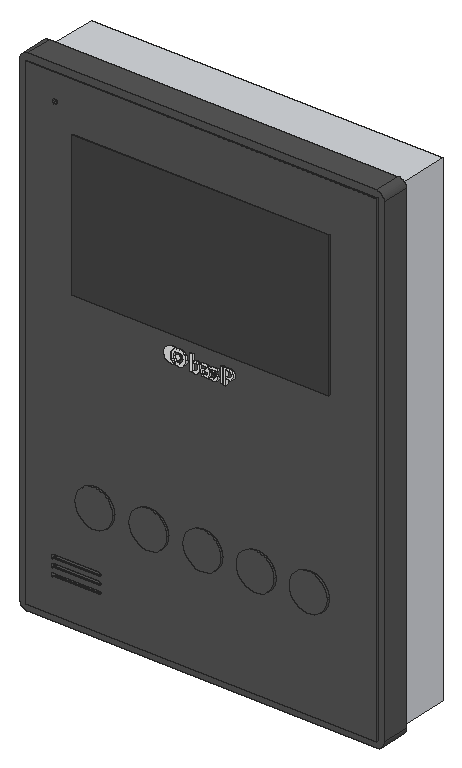
Revit family "BAS-IP_Видеодомофон_AU-04LA", category Устройства связи, Revit 2019
Family settings
  Сохранять ориентацию аннотаций = Нет
  Размер круглого соединителя = Использовать диаметр
  Тип детали = Нормальный
  На основе рабочей плоскости = Нет
  Всегда вертикально = Да
  При загрузке вырезать с полостями = Нет
  Общий = Нет
  Точка расчета площади = Нет
Parameters (values of type "Черный")
  Цветовое решение = "Черный"
  Цве логотипа = White
  УГО_Смещение_Y [instance] = 0 mm
  УГО_Смещение_X [instance] = 0 mm
  Тип установки = "Настенный накладной"
  Зона обслуживания [instance] = no
  Дисплей = "4,3” TFT LCD, сенсорный емкостный"
  Встроенная камера = "Нет"
  Габаритные размеры = "135 x 185 x 30 мм"
  Питание = "PoE, +12 В"
  Потребление питания = "6 Вт, в режиме ожидания - 2,5 Вт"
  Изготовитель = "BAS-IP"  # constant formula
  Разрешение экрана = "480 x 272"
  Корпус = "Пластик"
  ADSK_Размер_Смещение от уровня [instance] = 1000 mm
  ADSK_Примечание [instance] = ""
  ADSK_Позиция [instance] = ""
  ADSK_Наименование = "IP видеодомофон с экраном 4 дюйма"
  ADSK_Материал = Black
  ADSK_Марка = "AU-04LA Black"
  ADSK_Количество = 1  # constant formula
  ADSK_Код изделия = ""
  ADSK_Завод-изготовитель = "BAS-IP"  # constant formula
  ADSK_Единица измерения = "шт."  # constant formula
Types (2, lengths in mm): name | Цветовое решение | Цве логотипа | ADSK_Материал | ADSK_Марка
  Белый | "Белый" | Black | White | "AU-04LA White"
  Черный | "Черный" | White | Black | "AU-04LA Black"
Reference planes
  plane 1 "По центру (Вперед/Назад)": y = 0
  plane 2: z = 0
  plane 3 "По центру (Влево/Вправо)": x = 0
  plane 4: z = 1000
  plane 5: z = 0
  plane 6: x = 0
  plane 7: y = 0
Forms (mm)
  Extrusion 1, solid, material "Black" <- "ADSK_Материал", detail levels medium+fine
    sketch origin (0, 0, 1000) x (1, 0, 0) y (0, 0, 1)
      loop
        arc (-64.5, 185) -> (-66.621, 184.121) -> (-67.5, 182) r 3
        line (-67.5, 182) -> (-67.5, 3)
        arc (-67.5, 3) -> (-66.621, 0.879) -> (-64.5, 0) r 3
        line (-64.5, 0) -> (64.5, 0)
        arc (64.5, 0) -> (66.621, 0.879) -> (67.5, 3) r 3
        line (67.5, 3) -> (67.5, 182)
        arc (67.5, 182) -> (66.621, 184.121) -> (64.5, 185) r 3
        line (64.5, 185) -> (-64.5, 185)
    from 0 to 10
  Extrusion 2, void, detail levels fine
    sketch origin (-2.215, 0, 988.655) x (1, 0, 0) y (0, 0, 1)
      loop
        circle (-51.665, 184.212) r 1
    from 4.279 to 10.5
  Extrusion 3, solid, detail levels medium+fine
    sketch origin (0, 0, 1000) x (1, 0, 0) y (0, 0, 1)
      loop
        line (-65, 182.5) -> (-65, 2.5) -> (65, 2.5) -> (65, 182.5) -> (-65, 182.5)
    from -20 to 0
  Extrusion 4, solid, material "Black" <- "ADSK_Материал", detail levels fine
    sketch origin (0, 0.5, 1000) x (1, 0, 0) y (0, 0, 1)
      loop
        line (-65, 182.5) -> (-65, 2.5) -> (65, 2.5) -> (65, 182.5) -> (-65, 182.5)
    from 10 to 11
  Extrusion 5, solid, material "Black silver 2", detail levels medium+fine
    sketch origin (-4.759, 0, 980) x (1, 0, 0) y (0, 0, 1)
      loop
        line (-42.741, 184.369) -> (-42.741, 131.129) -> (52.259, 131.129) -> (52.259, 184.369) -> (-42.741, 184.369)
    from 10 to 11
  Extrusion 6, solid, material "Black" <- "ADSK_Материал", detail levels fine
    sketch origin (172.393, 0, 1000) x (1, 0, 0) y (0, 0, 1)
      loop
        circle (-211.55, 43.525) r 7
      loop
        circle (-191.55, 43.525) r 7
      loop
        circle (-171.55, 43.525) r 7
      loop
        circle (-151.862, 43.525) r 7
      loop
        circle (-132.175, 43.525) r 7
    from 9.5 to 11.123
  Extrusion 7, void, detail levels fine
    sketch origin (172.275, 0, 1000) x (1, 0, 0) y (0, 0, 1)
      loop
        arc (-226.852, 22.553) -> (-227.602, 21.803) -> (-226.852, 21.053) r 0.75
        line (-226.852, 21.053) -> (-209.852, 21.053)
        arc (-209.852, 21.053) -> (-209.102, 21.803) -> (-209.852, 22.553) r 0.75
        line (-209.852, 22.553) -> (-226.852, 22.553)
      loop
        arc (-226.852, 19.553) -> (-227.602, 18.803) -> (-226.852, 18.053) r 0.75
        line (-226.852, 18.053) -> (-209.852, 18.053)
        arc (-209.852, 18.053) -> (-209.102, 18.803) -> (-209.852, 19.553) r 0.75
        line (-209.852, 19.553) -> (-226.852, 19.553)
      loop
        arc (-226.852, 16.553) -> (-227.602, 15.803) -> (-226.852, 15.053) r 0.75
        line (-226.852, 15.053) -> (-209.852, 15.053)
        arc (-209.852, 15.053) -> (-209.102, 15.803) -> (-209.852, 16.553) r 0.75
        line (-209.852, 16.553) -> (-226.852, 16.553)
    from 8.426 to 10.5
  Extrusion 8, solid, material "Black" <- "ADSK_Материал", not visible, detail levels medium+fine
    sketch origin (0, 0, 0) x (1, 0, 0) y (0, 0, 1)
      loop
        arc (-64.5, 185) -> (-66.621, 184.121) -> (-67.5, 182) r 3
        line (-67.5, 182) -> (-67.5, 3)
        arc (-67.5, 3) -> (-66.621, 0.879) -> (-64.5, 0) r 3
        line (-64.5, 0) -> (64.5, 0)
        arc (64.5, 0) -> (66.621, 0.879) -> (67.5, 3) r 3
        line (67.5, 3) -> (67.5, 182)
        arc (67.5, 182) -> (66.621, 184.121) -> (64.5, 185) r 3
        line (64.5, 185) -> (-64.5, 185)
    from 0 to 10
  Extrusion 9, void, not visible, detail levels fine
    sketch origin (-2.215, 0, -11.345) x (1, 0, 0) y (0, 0, 1)
      loop
        circle (-51.665, 184.212) r 1
    from 4.279 to 10.5
  Extrusion 10, solid, not visible, detail levels medium+fine
    sketch origin (0, 0, 0) x (1, 0, 0) y (0, 0, 1)
      loop
        line (-65, 182.5) -> (-65, 2.5) -> (65, 2.5) -> (65, 182.5) -> (-65, 182.5)
    from -20 to 0
  Extrusion 11, solid, material "Black" <- "ADSK_Материал", not visible, detail levels fine
    sketch origin (0, 0.5, 0) x (1, 0, 0) y (0, 0, 1)
      loop
        line (-65, 182.5) -> (-65, 2.5) -> (65, 2.5) -> (65, 182.5) -> (-65, 182.5)
    from 10 to 11
  Extrusion 12, solid, material "Black silver 2", not visible, detail levels medium+fine
    sketch origin (-4.759, 0, -20) x (1, 0, 0) y (0, 0, 1)
      loop
        line (-42.741, 184.369) -> (-42.741, 131.129) -> (52.259, 131.129) -> (52.259, 184.369) -> (-42.741, 184.369)
    from 10 to 11
  Extrusion 13, solid, material "Black" <- "ADSK_Материал", not visible, detail levels fine
    sketch origin (172.393, 0, 0) x (1, 0, 0) y (0, 0, 1)
      loop
        circle (-211.55, 43.525) r 7
      loop
        circle (-191.55, 43.525) r 7
      loop
        circle (-171.55, 43.525) r 7
      loop
        circle (-151.862, 43.525) r 7
      loop
        circle (-132.175, 43.525) r 7
    from 9.5 to 11.123
  Extrusion 14, void, not visible, detail levels fine
    sketch origin (172.275, 0, 0) x (1, 0, 0) y (0, 0, 1)
      loop
        arc (-226.852, 22.553) -> (-227.602, 21.803) -> (-226.852, 21.053) r 0.75
        line (-226.852, 21.053) -> (-209.852, 21.053)
        arc (-209.852, 21.053) -> (-209.102, 21.803) -> (-209.852, 22.553) r 0.75
        line (-209.852, 22.553) -> (-226.852, 22.553)
      loop
        arc (-226.852, 19.553) -> (-227.602, 18.803) -> (-226.852, 18.053) r 0.75
        line (-226.852, 18.053) -> (-209.852, 18.053)
        arc (-209.852, 18.053) -> (-209.102, 18.803) -> (-209.852, 19.553) r 0.75
        line (-209.852, 19.553) -> (-226.852, 19.553)
      loop
        arc (-226.852, 16.553) -> (-227.602, 15.803) -> (-226.852, 15.053) r 0.75
        line (-226.852, 15.053) -> (-209.852, 15.053)
        arc (-209.852, 15.053) -> (-209.102, 15.803) -> (-209.852, 16.553) r 0.75
        line (-209.852, 16.553) -> (-226.852, 16.553)
    from 8.426 to 10.5
Cuts and joins
  Extrusion 2, Extrusion 7 cuts Extrusion 1
  Extrusion 2, Extrusion 7 cuts Extrusion 4
Dimensions and locks
  "ADSK_Размер_Смещение от уровня": plane 4 to plane 2
  "УГО_Смещение_X": plane 3 "По центру (Влево/Вправо)" to plane 6
  "УГО_Смещение_Y": plane 7 to plane 1 "По центру (Вперед/Назад)"
  aligned and locked: level to plane 2
  aligned and locked: cut or joined group of Extrusion 1, Extrusion 2, Extrusion 7 to plane 4
  aligned and locked: plane 6 to nested 5
  aligned and locked: nested 5 to plane 7
Automatic sketch dimensions
  Extrusion 1 sketch curve to Extrusion 1 sketch curve = 3 mm  (x3)
  Extrusion 1 sketch curve to Extrusion 1 sketch curve = 179 mm
  Extrusion 3 sketch curve to Extrusion 3 sketch curve = 180 mm
  Extrusion 4 sketch curve to Extrusion 4 sketch curve = 180 mm
  Extrusion 5 sketch curve to Extrusion 5 sketch curve = 53.239 mm
  Extrusion 6 sketch curve to Extrusion 6 sketch curve = 19.688 mm  (x2)
  Extrusion 6 sketch curve to Extrusion 6 sketch curve = 0 mm  (x4)
  Extrusion 7 sketch curve to Extrusion 7 sketch curve = 0 mm  (x4)
  Extrusion 7 sketch curve to Extrusion 7 sketch curve = 17 mm
  Extrusion 7 sketch curve to Extrusion 7 sketch curve = 0.75 mm  (x3)
  Extrusion 7 sketch curve to Extrusion 7 sketch curve = 1.5 mm  (x2)
  Extrusion 1 sketch curve to Extrusion 1 sketch curve = 129 mm  (x2)
  Extrusion 3 sketch curve to Extrusion 3 sketch curve = 130 mm
  Extrusion 4 sketch curve to Extrusion 4 sketch curve = 130 mm
  Extrusion 5 sketch curve to Extrusion 5 sketch curve = 95 mm
  Extrusion 6 sketch curve to Extrusion 6 sketch curve = 20 mm  (x2)
  Extrusion 8 sketch curve to Extrusion 8 sketch curve = 3 mm  (x3)
  Extrusion 8 sketch curve to Extrusion 8 sketch curve = 179 mm
  Extrusion 10 sketch curve to Extrusion 10 sketch curve = 180 mm
  Extrusion 11 sketch curve to Extrusion 11 sketch curve = 180 mm
  Extrusion 12 sketch curve to Extrusion 12 sketch curve = 53.239 mm
  Extrusion 13 sketch curve to Extrusion 13 sketch curve = 19.688 mm  (x2)
  Extrusion 13 sketch curve to Extrusion 13 sketch curve = 0 mm  (x4)
  Extrusion 14 sketch curve to Extrusion 14 sketch curve = 0 mm  (x4)
  Extrusion 14 sketch curve to Extrusion 14 sketch curve = 17 mm
  Extrusion 14 sketch curve to Extrusion 14 sketch curve = 0.75 mm  (x3)
  Extrusion 14 sketch curve to Extrusion 14 sketch curve = 1.5 mm  (x2)
  Extrusion 8 sketch curve to Extrusion 8 sketch curve = 129 mm  (x2)
  Extrusion 10 sketch curve to Extrusion 10 sketch curve = 130 mm
  Extrusion 11 sketch curve to Extrusion 11 sketch curve = 130 mm
  Extrusion 12 sketch curve to Extrusion 12 sketch curve = 95 mm
  Extrusion 13 sketch curve to Extrusion 13 sketch curve = 20 mm  (x2)
  radius of Extrusion 2 sketch curve = 1 mm
  radius of Extrusion 6 sketch curve = 7 mm  (x5)
  radius of Extrusion 9 sketch curve = 1 mm
  radius of Extrusion 13 sketch curve = 7 mm  (x5)
Nested families
  nested 1: "BAS-IP_Logo_S" at (0, -10, 1101.222), Материал <- "Цве логотипа", type "BAS-IP_Logo_S", detail levels fine
    with Материал White
  nested 2: "Зона обслуживания" at (0, 0, 950), visible <- "Зона обслуживания", type "Зона обслуживания", detail levels fine
    with ADSK_Размер_Ширина 235 mm, ADSK_Размер_Высота 285 mm
  nested 3: "BAS-IP_Logo_S" at (0, -10, 101.222), Материал <- "Цве логотипа", type "BAS-IP_Logo_S", not visible, detail levels fine
    with Материал White
  nested 4: "Зона обслуживания" at (0, 0, -50), visible <- "Зона обслуживания", type "Зона обслуживания", not visible, detail levels fine
    with ADSK_Размер_Ширина 235 mm, ADSK_Размер_Высота 285 mm
  nested 5: "УГО_Видеодомофон" at (0, 0, 0), type "УГО_Видеодомофон", detail levels coarse+medium
Connectors
  electrical at (0, 10, 1002.5)
    settings: on Extrusion 3, index 1, voltage 0 V, apparent load 0 VA, apparent load phase1 0 VA, apparent load phase2 0 VA, apparent load phase3 0 VA, power factor 1, load classification "Прочее", number of poles 1, system type 12, power factor state 1, is connector primary yes, connector utility no, sub classification motor no, connector description ""
Definition of nested family "BAS-IP_Logo_S"
  Parameters (values of type "BAS-IP_Logo_S")
    Материал [instance] = none
  Reference planes
    plane 1 "По центру (Вперед/Назад)": y = 0
    plane 2: z = 0
    plane 3 "По центру (Влево/Вправо)": x = 0
  Forms (mm)
    Extrusion 1, solid, material <- "Материал"
      sketch origin (-6.577, 0, -7.331) x (1, 0, 0) y (0, 0, 1)
        loop
          circle (-1.452, 10.426) r 2.917
        loop
          circle (-1.452, 10.426) r 1.823
        loop
          circle (-1.452, 10.426) r 0.907
        loop
          line (2.897, 13.369) -> (2.897, 7.626)
          arc (2.897, 7.626) -> (4.378, 7.331) -> (5.829, 7.75) r 3.194
          arc (5.829, 7.75) -> (6.556, 9.353) -> (6.13, 11.061) r 2.674
          arc (6.13, 11.061) -> (4.872, 11.67) -> (3.741, 10.847) r 1.36
          line (3.741, 10.847) -> (3.741, 13.369) -> (2.897, 13.369)
        loop
          line (9.211, 9.975) -> (7.991, 9.975)
          arc (7.991, 9.975) -> (6.849, 8.828) -> (7.615, 7.403) r 1.358
          line (7.615, 7.403) -> (9.943, 7.403)
          spline (9.943, 7.403) -> (10.042, 8.877) -> (10.055, 9.915) -> (9.997, 10.601) -> (9.886, 11.019) -> (9.737, 11.256) -> (9.568, 11.394) -> (9.385, 11.5) -> (9.169, 11.588) -> (8.896, 11.659) -> (8.521, 11.71) -> (7.969, 11.725) -> (7.158, 11.687)
          line (7.158, 11.687) -> (7.158, 10.887) -> (8.571, 10.887)
          arc (8.571, 10.887) -> (9.157, 10.617) -> (9.211, 9.975) r 0.64
        loop
          line (9.25, 9.484) -> (8.048, 9.484)
          arc (8.048, 9.484) -> (7.606, 8.736) -> (8.048, 7.988) r 0.854
          line (8.048, 7.988) -> (9.25, 7.988) -> (9.25, 9.484)
        loop
          line (3.741, 10.21) -> (3.741, 7.988)
          spline (3.741, 7.988) -> (4.72, 8.077) -> (5.267, 8.31) -> (5.573, 8.641) -> (5.734, 9.045) -> (5.806, 9.508) -> (5.807, 9.99) -> (5.705, 10.408) -> (5.485, 10.703) -> (5.195, 10.895) -> (4.844, 10.985) -> (4.33, 10.884) -> (3.741, 10.21)
        loop
          spline (13.018, 11.649) -> (11.419, 11.695) -> (10.875, 11.521) -> (10.489, 11.179) -> (10.305, 10.688) -> (10.406, 10.198) -> (10.752, 9.835) -> (11.372, 9.476) -> (12.029, 9.086) -> (12.384, 8.702) -> (12.37, 8.376) -> (11.859, 8.127) -> (10.354, 8.165)
          line (10.354, 8.165) -> (10.284, 7.368)
          spline (10.284, 7.368) -> (11.866, 7.357) -> (12.634, 7.611) -> (13.056, 8.054) -> (13.185, 8.589) -> (13.044, 9.098) -> (12.719, 9.467) -> (12.225, 9.735) -> (11.625, 10.002) -> (11.161, 10.338) -> (11.097, 10.694) -> (11.676, 10.917) -> (12.949, 10.853)
          line (12.949, 10.853) -> (13.018, 11.649)
        loop
          line (14.214, 13.23) -> (14.214, 7.403) -> (15.003, 7.403) -> (15.003, 13.23) -> (14.214, 13.23)
        loop
          line (15.425, 13.23) -> (15.425, 7.403) -> (16.26, 7.403) -> (16.26, 9.541) -> (17.223, 9.541)
          arc (17.223, 9.541) -> (19.068, 11.385) -> (17.223, 13.23) r 1.844
          line (17.223, 13.23) -> (15.425, 13.23)
        loop
          line (16.26, 10.169) -> (17.186, 10.169)
          arc (17.186, 10.169) -> (18.222, 11.249) -> (17.419, 12.511) r 1.211
          line (17.419, 12.511) -> (16.26, 12.511) -> (16.26, 10.169)
      from 0 to 1
    Extrusion 2, solid, material <- "Материал"
      sketch origin (-0.313, 0, -1.028) x (1, 0, 0) y (0, 0, 1)
        loop
          arc (-8.967, 6.758) -> (-13.134, 4.123) -> (-8.967, 1.487) r 2.917
          arc (-8.967, 1.487) -> (-10.634, 4.123) -> (-8.967, 6.758) r 2.917
      from 0 to 1
  Dimensions and locks
    aligned and locked: level to plane 2
Definition of nested family "Зона обслуживания"
  Parameters (values of type "Семейство1")
    Зона обслуживания = none
    ADSK_Размер_Ширина = 200 mm
    ADSK_Размер_Глубина = 120 mm
    ADSK_Размер_Высота = 250 mm
  Reference planes
    plane 1 "По центру (Вперед/Назад)": y = 0
    plane 2: z = 0
    plane 3 "По центру (Влево/Вправо)": x = 0
  Forms (mm)
    Extrusion 1, solid, material <- "Зона обслуживания"
      sketch origin (0, 0, 0) x (1, 0, 0) y (0, 1, 0)
        loop
          line (-100, 0) -> (-100, -120) -> (100, -120) -> (100, 0) -> (-100, 0)
      from 0 to 250 <- "ADSK_Размер_Высота"
  Dimensions and locks
    "ADSK_Размер_Глубина": Extrusion 1 sketch curve to plane 1 "По центру (Вперед/Назад)"
    equal spacing: Extrusion 1 sketch curve, plane 3 "По центру (Влево/Вправо)", Extrusion 1 sketch curve
    "ADSK_Размер_Ширина": Extrusion 1 sketch curve to Extrusion 1 sketch curve
    aligned and locked: level to plane 2
  Automatic sketch dimensions
    plane 1 "По центру (Вперед/Назад)" to Extrusion 1 sketch curve = 0 mm
Definition of nested family "УГО_Видеодомофон"
  Reference planes
    plane 1: y = 0
    plane 2: x = 0
  Lines and regions (mm)
    detail lines
      curve 1: line (-3.5, -5, 0) -> (-3.5, 0, 0)
      curve 2: line (3.5, -5, 0) -> (-3.5, -5, 0)
      curve 3: line (3.5, 0, 0) -> (3.5, -5, 0)
      curve 4: line (-3.5, 0, 0) -> (3.5, 0, 0)
      curve 5: line (2.949, -0.621, 0) -> (-2, -0.621, 0)
      curve 6: line (2.949, -4.389, 0) -> (2.949, -0.621, 0)
      curve 7: line (-2, -4.389, 0) -> (2.949, -4.389, 0)
      curve 8: line (-2, -0.621, 0) -> (-2, -4.389, 0)
